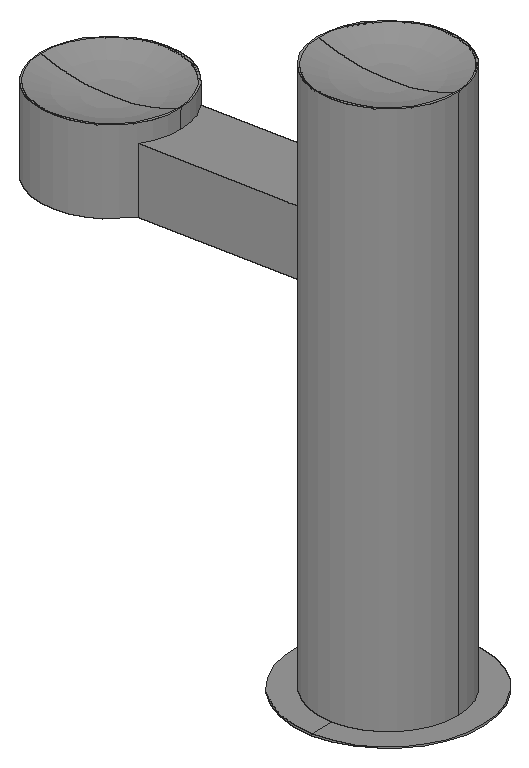
Revit family "Outdoor_Drinking_Fountain-Willoughby-WODF-2-HC", category Plumbing Fixtures, host Face, Revit 2014
Parameters (values of type "Standard")
  Waste DIA = 1 1/4"
  Waste Connection = yes
  Vent Connection = no
  URL = "www.willoughby-ind"
  Revision = "A"
  Model = "CWBF-2-RPC-HC"
  Manufacturer = "Willoughby Industries"
  LAV CW DIA = 3/8"
  HW Connection = no
  Fixture Body = Stainless Steel AISI 304-Willoughby
  Description = "Outdoor Bottle Filler"
  Default Elevation = 0' - 0"
  Contact = "800.428.4065"
  CW Connection = yes
Reference planes (in)
  plane 1 "Center (Front/Back)": y = 0
  plane 2: z = 0
  plane 3 "Center (Left/Right)": x = 0
  plane 4: y = 5.375
  plane 5: y = -4.3125
  plane 6 "bottom of Cap": z = 51.10156
  plane 7 "Bottom Of Opening": z = 42.5
  plane 8: z = 12
  plane 9: y = 7.25
  plane 10: y = -7.25
  plane 11 "Bottom Of Fountaain": z = 27.621
  plane 12 "Top Of Fountain": z = 28.246
  plane 13: x = 5.35159
  plane 14: x = -25.4375
Forms (in)
  Extrusion 1, solid, material "Stainless Steel AISI 304-Willoughby" <- "Fixture Body"
    sketch origin (-0.02341, 0, 0) x (1, 0, 0) y (0, 1, 0)
      loop
        circle (0, 0) r 5.375
    from 0 to 42.5
  Revolve 2, solid, material "Stainless Steel AISI 304-Willoughby" <- "Fixture Body"
    sketch origin (0, 0, 0) x (0, 1, 0) y (0, 0, 1)
      loop
        line (0, 0) -> (0, 0.121) -> (-7.25, 0.121) -> (-7.25, 0) -> (0, 0)
      axis (0, 0.121) -> (0, 0)
    angle from 0 to 360
  Revolve 3, solid, material "Stainless Steel AISI 304-Willoughby" <- "Fixture Body", detail levels medium+fine
    sketch origin (0, 0, 0) x (0, 1, 0) y (0, 0, 1)
      loop
        line (0, 12) -> (0, 15) -> (-0.625, 15) -> (-0.625, 12) -> (0, 12)
      axis (0, 15) -> (0, 12)
    angle from 0 to 360
  Revolve 4, solid, material "Stainless Steel AISI 304-Willoughby" <- "Fixture Body", detail levels medium+fine
    sketch origin (0, 0, 0) x (0, 1, 0) y (0, 0, 1)
      loop
        line (1.5, 12) -> (1.6875, 12) -> (1.6875, 15) -> (1.5, 15) -> (1.5, 12)
      axis (1.5, 12) -> (1.5, 15)
    angle from 0 to 360
  Extrusion 5, solid, material "Stainless Steel AISI 304-Willoughby" <- "Fixture Body"
    sketch origin (0.75, 0, 27.621) x (-1, 0, 0) y (0, -1, 0)
      loop
        circle (21.875, 0) r 5.375
    from 0 to 6.375
  Extrusion 6, solid, material "Stainless Steel AISI 304-Willoughby" <- "Fixture Body"
    sketch origin (0, 0, 5.75) x (1, 0, 0) y (0, 0, 1)
      loop
        line (-18.80836, 21.871) -> (-2.80836, 21.871) -> (-2.80836, 26.871) -> (-18.80836, 26.871) -> (-18.80836, 21.871)
    from 3 to -3
  Revolve 7, void
    sketch origin (0.75, 0, 5.75) x (1, 0, 0) y (0, 0, 1)
      loop
        line (-21.875, 28.246) -> (-27.125, 28.246)
        arc (-27.125, 28.246) -> (-24.56005, 27.43072) -> (-21.875, 27.246) r 11.28456
        line (-21.875, 27.246) -> (-21.875, 28.246)
      axis (-21.875, 28.246) -> (-21.875, 27.246)
    angle from 0 to 360
  Revolve 8, void
    sketch origin (21.875, 0, 14.25524) x (1, 0, 0) y (0, 0, 1)
      loop
        line (-21.875, 28.24476) -> (-27.12227, 28.24476)
        arc (-27.12227, 28.24476) -> (-24.55858, 27.43043) -> (-21.875, 27.246) r 11.28456
        line (-21.875, 27.246) -> (-21.875, 28.24476)
      axis (-21.875, 28.24476) -> (-21.875, 27.246)
    angle from 0 to 360
Cuts and joins
  Revolve 7 cuts Extrusion 6
  Revolve 7, Revolve 8 cuts Extrusion 5
  Revolve 7, Revolve 8 cuts Extrusion 1
Lines and regions (in)
  symbolic lines
    curve 1: circle (0, 0, 42.5) r 7.25 normal (0, 0, 1)
    curve 4: line (-7.25, 0, 0) -> (7.25, 0, 0)
    curve 5: line (7.25, 0, 0) -> (7.25, 0, 0.121)
    curve 6: line (7.25, 0, 0.121) -> (-7.25, 0, 0.121)
    curve 7: line (-5.39841, 0, 0.121) -> (-5.39841, 0, 42)
    curve 8: line (5.35159, 0, 42) -> (5.35159, 0, 0.121)
    curve 9: line (0, -7.25, 0) -> (0, 7.25, 0)
    curve 10: line (0, 7.25, 0) -> (0, 7.25, 0.121)
    curve 11: line (0, 7.25, 0.121) -> (0, -7.25, 0.121)
    curve 12: line (0, -7.25, 0.121) -> (0, -7.25, 0)
    curve 13: line (-5.76628, 3, 27.621) -> (-18.02699, 3, 27.621)
    curve 14: line (-5.76628, -3, 27.621) -> (-18.02699, -3, 27.621)
    curve 15: arc (-18.02699, 3, 27.621) -> (-16.8125, 0, 27.621) -> (-18.02699, -3, 27.621) r 4.3125
    curve 16: arc (-16.66511, -3, 27.621) -> (-26.5, 0, 27.621) -> (-16.66511, 3, 27.621) r 5.375
    curve 17: line (-5.39841, 0, 27.621) -> (-26.5, 0, 27.621)
    curve 18: line (-26.5, 0, 27.621) -> (-26.5, 0, 33.996)
    curve 19: line (-26.5, 0, 33.996) -> (-15.75, 0, 33.996)
    curve 20: line (-15.75, 0, 33.996) -> (-15.75, 0, 32.621)
    curve 21: line (-16.8125, 0, 32.621) -> (-15.75, 0, 32.621)
    curve 22: line (-16.8125, 0, 32.621) -> (-16.8125, 0, 27.621)
    curve 23: line (-16.8125, 0, 32.621) -> (-4.43775, 0, 32.621)
    curve 24: line (-4.43775, 0, 32.621) -> (-4.43775, 0, 27.621)
    curve 25: line (-4.43775, 0, 27.621) -> (-5.39841, 0, 27.621)
    curve 26: line (-7.25, 0, 0.121) -> (-7.25, 0, 0)
    curve 27: line (0, 5.375, 0.121) -> (0, 5.375, 42.5)
    curve 28: line (0, 5.375, 42.5) -> (0, -5.375, 42.5)
    curve 29: line (0, -5.375, 42.5) -> (0, -5.375, 0.121)
    curve 30: line (0, 5.375, 33.996) -> (0, -5.375, 33.996)
    curve 31: line (0, -5.375, 27.621) -> (0, 5.375, 27.621)
    curve 32: line (0, -3, 27.621) -> (0, -3, 32.621)
    curve 33: line (0, -3, 32.621) -> (0, 3, 32.621)
    curve 34: line (0, 3, 32.621) -> (0, 3, 27.621)
  symbolic lines, detail levels medium+fine
    curve 2: circle (0, 0, 42.5) r 5.375 normal (0, 0, 1)
  symbolic lines, detail levels fine
    curve 3: circle (0, 0, 42.5) r 5.25 normal (0, 0, 1)
Dimensions and locks (in)
  plane 7 "Bottom Of Opening" to level = 3' - 6 1/2"
  plane 9 to plane 10 = 1' - 2 1/2"
  plane 4 to plane 5 = 0' - 9 11/16"
  plane 1 "Center (Front/Back)" to plane 10 = 0' - 7 1/4"
  plane 14 to plane 13 = 2' - 6.78909"
  plane 1 "Center (Front/Back)" to plane 4 = 0' - 5 3/8"
  host face to plane 11 "Bottom Of Fountaain" = 2' - 3.621"
  host face to cut or joined group of Extrusion 5, Revolve 7, Revolve 8 = 2' - 9.996"
  level to plane 7 "Bottom Of Opening" = 3' - 6 1/2"
  aligned and locked: plane 2 to host face
  aligned and locked: level to host face
  aligned and locked: Revolve 3 sketch curve to Revolve 3 sketch curve  (x2)
  aligned and locked: Revolve 4 sketch curve to Revolve 4 sketch curve  (x2)
  aligned and locked: Revolve 7 sketch curve to Revolve 7 sketch curve  (x2)
  aligned and locked: plane 10 to curve 9
  aligned and locked: Revolve 8 sketch curve to Revolve 8 sketch curve  (x2)
Connectors (in)
  piping at (0, 0, 12), diameter 0.375, driven by "Waste Connection", driven by "LAV CW DIA"
    settings: on Revolve 3, index 1, connector inside diameter 24", connector length 0' - 0", flow factor 0, pipe flow 0 GPM, pressure drop 0.00 psi, fitting loss kfactor 0, connector angle 0.00°, fixture units 0, engagement length 0' - 0", angle of deflection 0.00°, flow configuration 0, flow direction 2, fitting loss method 0, system type 16, joint type 0, gender type 0, connector reference index -1, connector utility 1, adjustable connector no, is connector primary yes, connector description "Drain Waste"
  piping at (0, 1.5, 12), diameter 0.375, driven by "CW Connection"
    settings: on Revolve 4, index 2, connector inside diameter 24", connector length 0' - 0", flow factor 0, pipe flow 0 GPM, pressure drop 0.00 psi, fitting loss kfactor 0, connector angle 0.00°, fixture units 0, engagement length 0' - 0", angle of deflection 0.00°, flow configuration 0, flow direction 1, fitting loss method 0, system type 20, joint type 0, gender type 0, connector reference index -1, connector utility 1, adjustable connector no, is connector primary no, connector description "CW Inlet"
